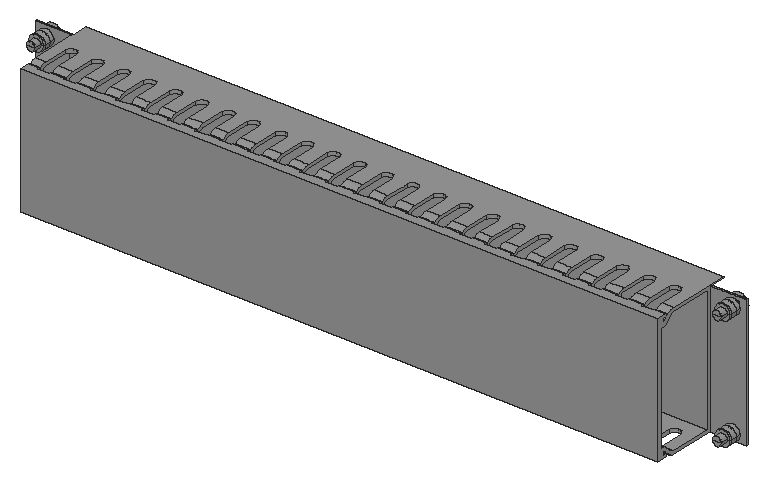
Revit family "ITK 19 Пластиковый кабельный органайзер с крышкой", category Обобщенные модели, Revit 2016
Family settings
  Тип детали = Нормальный
  Может служить основой для арматурных стержней = Нет
  Размер круглого соединителя = Использовать диаметр
  На основе рабочей плоскости = Нет
  Всегда вертикально = Да
  При загрузке вырезать с полостями = Нет
  Общий = Нет
  Точка расчета площади = Нет
Parameters (values of type "CO05-2PC")
  Ширина = 483 mm
  Совместимость = ""
  Описание = "19-дюймовые кабельные организаторы ITK предназначены для горизонтальной организации кабеля и кабельных пучков в шкафах и стойках для укладки кабелей в пространствах между коммутационными панелями и установленным активным оборудованием, обеспечивают их поддержку в пределах монтажной высоты шкафа, гарантируют необходимый радиус изгиба коммутационных шнуров и кабеля при подведении их к оборудованию, позволяют избежать перекручивания и спутывания кабелей. При использовании кабельных организаторов существенно снижается вероятность появления сильных перегибов и изломов кабелей, повышается скорость и эффективность работы IT-специалистов и администраторов при обслуживании шкафов и стоек.\r\n\r\nКабельные органайзеры устанавливаются на 19-дюймовые монтажные профили, занимая при этом один или два юнита полезной высоты. Монтаж осуществляется с помощью крепежа винт-шайба-гайка.\r\n\r\nГоризонтальные кабельные организаторы представлены двумя основными видами: открытый органайзер с кольцами или закрытого типа с крышкой. Высота органайзеров: 1U или 2U. Материал: листовая сталь. В комплект поставки входит органайзер и комплект крепежа.\r\nСовместимы со всеми 19-дюймовыми шкафами и стойками ITK.\r\nОбладают современным привлекательным дизайном и продуманной конструкцией.\r\nУдобны в монтаже и эксплуатации.\r\nСоответствие международным стандартам ISO9001, IEC 297, ISO/IEC 11801. \r\nСертифицированы по ГОСТ Р.\r\nВсе аксессуары идут с крепежом.\r\nВозможно исполнение в двух цветах: серый (RAL7035) и черный (RAL9005).\r\nВсегда в наличии на складе.\r\nГарантия на все аксессуары до 2-х лет."  # constant formula
  Материал = Окраска - RAL 9005
  Type Comments = ""
  Изготовитель = "ITK"  # constant formula
  Глубина = 45 mm
  Высота = 89 mm
  URL = "http://www.itk-group.ru/produktsiya/catalog/?page=section&id=564&pagen=1&pagec=100"
  ADSK_Примечание = ""
  ADSK_Позиция [instance] = ""
  ADSK_Наименование краткое = "CO05-2PC"
  ADSK_Наименование = "ITK 19\" пластиковый каб. органайзер с крышкой, 2U, черный"
  ADSK_Масса = 0
  ADSK_Марка = "CO05-2PC"
  ADSK_Код изделия = ""
  ADSK_Завод-изготовитель = "IEK"
  ADSK_Единица измерения = "шт"
  ADSK_Группирование = "I. ЩИТЫ И ПУЛЬТЫ"
Types (2, lengths in mm): name | Высота | ADSK_Наименование краткое | ADSK_Наименование | ADSK_Марка
  CO05-1PC | 44.5 | "CO05-1PC" | "ITK 19\" пластиковый каб. органайзер с крышкой, 1U, черный" | "CO05-1PC"
  CO05-2PC | 89 | "CO05-2PC" | "ITK 19\" пластиковый каб. органайзер с крышкой, 2U, черный" | "CO05-2PC"
Reference planes
  plane 1 "По центру (Вперед/Назад)": y = 0
  plane 2: z = 0
  plane 3 "По центру (Влево/Вправо)": x = 0
  plane 4: x = -241.5
  plane 5: x = 241.5
  plane 6: x = -216.5
  plane 7: x = 216.5
  plane 8: z = 89
  plane 9: z = 44.5
  plane 10: y = -45
Forms (mm)
  Extrusion 1, solid, material "Окраска - RAL 9005" <- "Материал", detail levels fine
    sketch origin (0, 0, 0) x (1, 0, 0) y (0, 1, 0)
      loop
        line (-241.5, 0) -> (-241.5, -1) -> (241.5, -1) -> (241.5, 0) -> (-241.5, 0)
    from 0 to 89
  Extrusion 2, void
    sketch origin (-2000, -1, 1200) x (-1, 0, 0) y (0, 0, -1)
      loop
        circle (-1765.975, 1116) r 2.967
      loop
        circle (-1765.975, 1195) r 2.967
      loop
        circle (-2234.025, 1116) r 2.967
      loop
        circle (-2234.025, 1195) r 2.967
    from -1 to 1.964
  Extrusion 3, solid, material "Окраска - RAL 9005" <- "Материал", detail levels fine
    sketch origin (-216.5, 2000, 1200) x (0, 1, 0) y (0, 0, 1)
      loop
        line (-1989, -1111) -> (-2000, -1111) -> (-2000, -1112) -> (-1989, -1112) -> (-1989, -1111)
      loop
        line (-1992.467, -1200) -> (-1992.467, -1199) -> (-2000, -1199) -> (-2000, -1200) -> (-1992.467, -1200)
    from 0 to 433
  Extrusion 4, solid, material "Окраска - RAL 9005" <- "Материал", detail levels fine
    sketch origin (-241.5, 2000, 1200) x (0, 1, 0) y (0, 0, 1)
      loop
        line (-2002.964, -1113.033) -> (-2031.639, -1113.033)
        arc (-2031.639, -1113.033) -> (-2033.467, -1113.359) -> (-2035.043, -1114.342) r 4.903
        line (-2035.043, -1114.342) -> (-2039.626, -1118.598) -> (-2042.093, -1118.598) -> (-2042.093, -1113.711) -> (-2042.982, -1113.711) -> (-2042.982, -1197.289) -> (-2042.093, -1197.289) -> (-2042.093, -1192.402) -> (-2039.626, -1192.402) -> (-2035.043, -1196.658)
        arc (-2035.043, -1196.658) -> (-2033.467, -1197.641) -> (-2031.639, -1197.967) r 4.903
        line (-2031.639, -1197.967) -> (-2002.964, -1197.967) -> (-2002.964, -1113.033)
      loop
        line (-2001, -1111.033) -> (-2031.626, -1111.033)
        arc (-2031.626, -1111.033) -> (-2034.192, -1111.495) -> (-2036.404, -1112.877) r 6.903
        line (-2036.404, -1112.877) -> (-2040.987, -1117.132) -> (-2040.987, -1113.711) -> (-2038.167, -1113.711) -> (-2038.167, -1112.132) -> (-2045, -1112.132) -> (-2045, -1198.868) -> (-2038.167, -1198.868) -> (-2038.167, -1197.289) -> (-2040.987, -1197.289) -> (-2040.987, -1193.868) -> (-2036.404, -1198.123)
        arc (-2036.404, -1198.123) -> (-2034.192, -1199.505) -> (-2031.626, -1199.967) r 6.903
        line (-2031.626, -1199.967) -> (-2001, -1199.967) -> (-2001, -1111.033)
    from 25 to 458
  Revolve 5, solid, material "Окраска - RAL 9005" <- "Материал", detail levels fine
    sketch origin (0.938, 29.553, 5.937) x (0, 1, 0) y (-1, 0, 0)
      loop
        line (-44.803, 236.911) -> (-44.803, 234.025) -> (-26.053, 234.025) -> (-26.053, 240.161) -> (-29.553, 240.161) -> (-29.553, 236.911) -> (-32.003, 236.911) -> (-32.003, 239.143)
        arc (-32.003, 239.143) -> (-33.603, 239.05) -> (-35.203, 239.122) r 15.465
        line (-35.203, 239.122) -> (-39.203, 239.122)
        arc (-39.203, 239.122) -> (-39.704, 239.122) -> (-40.203, 239.083) r 6.422
        line (-40.203, 239.083) -> (-40.203, 236.911) -> (-44.803, 236.911)
      axis (-26.053, 234.025) -> (-44.803, 234.025)
    angle from 0 to 360
  Revolve 6, solid, material "Окраска - RAL 9005" <- "Материал", detail levels fine
    sketch origin (0.938, 30.928, 82.562) x (0, 1, 0) y (-1, 0, 0)
      loop
        line (-46.178, 236.911) -> (-46.178, 234.025) -> (-27.428, 234.025) -> (-27.428, 240.161) -> (-30.928, 240.161) -> (-30.928, 236.911) -> (-33.378, 236.911) -> (-33.378, 239.143)
        arc (-33.378, 239.143) -> (-34.978, 239.05) -> (-36.578, 239.122) r 15.465
        line (-36.578, 239.122) -> (-40.578, 239.122)
        arc (-40.578, 239.122) -> (-41.079, 239.122) -> (-41.578, 239.083) r 6.422
        line (-41.578, 239.083) -> (-41.578, 236.911) -> (-46.178, 236.911)
      axis (-27.428, 234.025) -> (-46.178, 234.025)
    angle from 0 to 360
  Revolve 7, solid, material "Окраска - RAL 9005" <- "Материал", detail levels fine
    sketch origin (465.796, 30.928, 82.563) x (0, 1, 0) y (-1, 0, 0)
      loop
        line (-46.178, 235.911) -> (-46.178, 233.025) -> (-27.428, 233.025) -> (-27.428, 239.161) -> (-30.928, 239.161) -> (-30.928, 235.911) -> (-33.378, 235.911) -> (-33.378, 238.143)
        arc (-33.378, 238.143) -> (-34.978, 238.05) -> (-36.578, 238.122) r 15.465
        line (-36.578, 238.122) -> (-40.578, 238.122)
        arc (-40.578, 238.122) -> (-41.079, 238.122) -> (-41.578, 238.083) r 6.422
        line (-41.578, 238.083) -> (-41.578, 235.911) -> (-46.178, 235.911)
      axis (-27.428, 233.025) -> (-46.178, 233.025)
    angle from 0 to 360
  Revolve 8, solid, material "Окраска - RAL 9005" <- "Материал", detail levels fine
    sketch origin (-1.25, 30.928, 5.937) x (0, 1, 0) y (-1, 0, 0)
      loop
        line (-46.178, -231.135) -> (-46.178, -234.021) -> (-27.428, -234.021) -> (-27.428, -227.885) -> (-30.928, -227.885) -> (-30.928, -231.135) -> (-33.378, -231.135) -> (-33.378, -228.903)
        arc (-33.378, -228.903) -> (-34.978, -228.997) -> (-36.578, -228.924) r 15.465
        line (-36.578, -228.924) -> (-40.578, -228.924)
        arc (-40.578, -228.924) -> (-41.079, -228.924) -> (-41.578, -228.963) r 6.422
        line (-41.578, -228.963) -> (-41.578, -231.135) -> (-46.178, -231.135)
      axis (-27.428, -234.021) -> (-46.178, -234.021)
    angle from 0 to 360
  Extrusion 9, void
    sketch origin (0, 0, 0) x (1, 0, 0) y (0, 1, 0)
      loop
        line (-201.132, -39.115) -> (-201.132, -16.303)
        arc (-201.132, -16.303) -> (-205.212, -12.223) -> (-209.293, -16.303) r 4.08
        line (-209.293, -16.303) -> (-209.293, -39.115) -> (-201.132, -39.115)
      loop
        line (-183.354, -39.115) -> (-183.354, -16.303)
        arc (-183.354, -16.303) -> (-187.435, -12.223) -> (-191.515, -16.303) r 4.08
        line (-191.515, -16.303) -> (-191.515, -39.115) -> (-183.354, -39.115)
      loop
        line (-165.478, -39.115) -> (-165.478, -16.303)
        arc (-165.478, -16.303) -> (-169.559, -12.223) -> (-173.639, -16.303) r 4.08
        line (-173.639, -16.303) -> (-173.639, -39.115) -> (-165.478, -39.115)
      loop
        line (-147.881, -39.115) -> (-147.881, -16.303)
        arc (-147.881, -16.303) -> (-151.962, -12.223) -> (-156.042, -16.303) r 4.08
        line (-156.042, -16.303) -> (-156.042, -39.115) -> (-147.881, -39.115)
      loop
        line (-130.281, -39.115) -> (-130.281, -16.303)
        arc (-130.281, -16.303) -> (-134.362, -12.223) -> (-138.442, -16.303) r 4.08
        line (-138.442, -16.303) -> (-138.442, -39.115) -> (-130.281, -39.115)
      loop
        line (-112.581, -39.115) -> (-112.581, -16.303)
        arc (-112.581, -16.303) -> (-116.662, -12.223) -> (-120.742, -16.303) r 4.08
        line (-120.742, -16.303) -> (-120.742, -39.115) -> (-112.581, -39.115)
      loop
        line (-94.389, -39.115) -> (-94.389, -16.303)
        arc (-94.389, -16.303) -> (-98.47, -12.223) -> (-102.55, -16.303) r 4.08
        line (-102.55, -16.303) -> (-102.55, -39.115) -> (-94.389, -39.115)
      loop
        line (-77.389, -39.115) -> (-77.389, -16.303)
        arc (-77.389, -16.303) -> (-81.47, -12.223) -> (-85.55, -16.303) r 4.08
        line (-85.55, -16.303) -> (-85.55, -39.115) -> (-77.389, -39.115)
      loop
        line (-58.678, -39.115) -> (-58.678, -16.303)
        arc (-58.678, -16.303) -> (-62.759, -12.223) -> (-66.839, -16.303) r 4.08
        line (-66.839, -16.303) -> (-66.839, -39.115) -> (-58.678, -39.115)
      loop
        line (-41.045, -39.115) -> (-41.045, -16.303)
        arc (-41.045, -16.303) -> (-45.126, -12.223) -> (-49.206, -16.303) r 4.08
        line (-49.206, -16.303) -> (-49.206, -39.115) -> (-41.045, -39.115)
      loop
        line (-23.116, -39.115) -> (-23.116, -16.303)
        arc (-23.116, -16.303) -> (-27.196, -12.223) -> (-31.277, -16.303) r 4.08
        line (-31.277, -16.303) -> (-31.277, -39.115) -> (-23.116, -39.115)
      loop
        line (-5.482, -39.115) -> (-5.482, -16.303)
        arc (-5.482, -16.303) -> (-9.563, -12.223) -> (-13.643, -16.303) r 4.08
        line (-13.643, -16.303) -> (-13.643, -39.115) -> (-5.482, -39.115)
      loop
        line (200.632, -39.115) -> (208.793, -39.115) -> (208.793, -16.303)
        arc (208.793, -16.303) -> (204.712, -12.223) -> (200.632, -16.303) r 4.08
        line (200.632, -16.303) -> (200.632, -39.115)
      loop
        line (182.854, -39.115) -> (191.015, -39.115) -> (191.015, -16.303)
        arc (191.015, -16.303) -> (186.935, -12.223) -> (182.854, -16.303) r 4.08
        line (182.854, -16.303) -> (182.854, -39.115)
      loop
        line (164.978, -39.115) -> (173.139, -39.115) -> (173.139, -16.303)
        arc (173.139, -16.303) -> (169.059, -12.223) -> (164.978, -16.303) r 4.08
        line (164.978, -16.303) -> (164.978, -39.115)
      loop
        line (147.381, -39.115) -> (155.542, -39.115) -> (155.542, -16.303)
        arc (155.542, -16.303) -> (151.462, -12.223) -> (147.381, -16.303) r 4.08
        line (147.381, -16.303) -> (147.381, -39.115)
      loop
        line (129.781, -39.115) -> (137.942, -39.115) -> (137.942, -16.303)
        arc (137.942, -16.303) -> (133.862, -12.223) -> (129.781, -16.303) r 4.08
        line (129.781, -16.303) -> (129.781, -39.115)
      loop
        line (112.081, -39.115) -> (120.242, -39.115) -> (120.242, -16.303)
        arc (120.242, -16.303) -> (116.162, -12.223) -> (112.081, -16.303) r 4.08
        line (112.081, -16.303) -> (112.081, -39.115)
      loop
        line (93.889, -39.115) -> (102.05, -39.115) -> (102.05, -16.303)
        arc (102.05, -16.303) -> (97.97, -12.223) -> (93.889, -16.303) r 4.08
        line (93.889, -16.303) -> (93.889, -39.115)
      loop
        line (76.889, -39.115) -> (85.05, -39.115) -> (85.05, -16.303)
        arc (85.05, -16.303) -> (80.97, -12.223) -> (76.889, -16.303) r 4.08
        line (76.889, -16.303) -> (76.889, -39.115)
      loop
        line (58.178, -39.115) -> (66.339, -39.115) -> (66.339, -16.303)
        arc (66.339, -16.303) -> (62.259, -12.223) -> (58.178, -16.303) r 4.08
        line (58.178, -16.303) -> (58.178, -39.115)
      loop
        line (40.545, -39.115) -> (48.706, -39.115) -> (48.706, -16.303)
        arc (48.706, -16.303) -> (44.626, -12.223) -> (40.545, -16.303) r 4.08
        line (40.545, -16.303) -> (40.545, -39.115)
      loop
        line (22.616, -39.115) -> (30.777, -39.115) -> (30.777, -16.303)
        arc (30.777, -16.303) -> (26.696, -12.223) -> (22.616, -16.303) r 4.08
        line (22.616, -16.303) -> (22.616, -39.115)
      loop
        line (4.982, -39.115) -> (13.143, -39.115) -> (13.143, -16.303)
        arc (13.143, -16.303) -> (9.063, -12.223) -> (4.982, -16.303) r 4.08
        line (4.982, -16.303) -> (4.982, -39.115)
    from -7.955 to 100
Cuts and joins
  Extrusion 2 cuts Extrusion 1
  Extrusion 9 cuts Extrusion 4
  joined: Extrusion 1, Extrusion 3, Extrusion 4
Dimensions and locks
  equal spacing: plane 4, plane 3 "По центру (Влево/Вправо)", plane 5
  "Ширина": plane 4 to plane 5
  plane 7 to plane 5 = 25 mm
  plane 4 to plane 6 = 25 mm
  "Высота": plane 8 to plane 2
  equal spacing: plane 8, plane 9, plane 2
  plane 8 to level = 89 mm
  "Глубина": plane 1 "По центру (Вперед/Назад)" to plane 10
  locked: plane 8 to Revolve 6 at 11.535
  locked: plane 8 to Revolve 7 at 11.535
  aligned and locked: level to plane 2
  aligned and locked: plane 1 "По центру (Вперед/Назад)" to Extrusion 1 sketch curve
  aligned and locked: plane 4 to Extrusion 1 sketch curve
  aligned and locked: plane 5 to Extrusion 1 sketch curve
  aligned and locked: plane 8 to Extrusion 1
  aligned and locked: Extrusion 1 to plane 2
  aligned and locked: Extrusion 2 to plane 1 "По центру (Вперед/Назад)"
  aligned and locked: Extrusion 3 to plane 7
  aligned and locked: Extrusion 3 to plane 6
  aligned and locked: level to Extrusion 3 sketch curve
  aligned and locked: Extrusion 3 sketch curve to plane 8
  aligned and locked: Extrusion 4 to plane 6
  aligned and locked: Revolve 5 sketch curve to Revolve 5 sketch curve
  aligned and locked: Revolve 6 sketch curve to Revolve 6 sketch curve
  aligned and locked: Revolve 7 sketch curve to Revolve 7 sketch curve
  aligned and locked: Revolve 8 sketch curve to Revolve 8 sketch curve
  aligned and locked: Extrusion 4 to plane 7
  aligned and locked: plane 10 to Extrusion 4 sketch curve
Automatic sketch dimensions
  Extrusion 2 sketch curve to plane 5 = 7.475 mm  (x2)
  Extrusion 2 sketch curve to plane 4 = 7.475 mm  (x2)
  Extrusion 3 sketch curve to plane 1 "По центру (Вперед/Назад)" = 0 mm  (x2)
  level to Extrusion 3 sketch curve = 1 mm
  Extrusion 3 sketch curve to plane 8 = 1 mm
  Revolve 5 sketch curve to Revolve 5 sketch curve = 2.45 mm
  Revolve 5 sketch curve to Revolve 5 sketch curve = 3.2 mm
  Revolve 5 sketch curve to Revolve 5 sketch curve = 4 mm
  Revolve 5 sketch curve to Revolve 5 sketch curve = 0.25 mm
  Revolve 5 sketch curve to Revolve 5 sketch curve = 1 mm
  Revolve 5 sketch curve to Revolve 5 sketch curve = 4.6 mm
  plane 4 to Revolve 5 sketch curve = 9.732 mm
  Revolve 5 sketch curve to Revolve 5 sketch curve = 1.32 mm
  Revolve 5 sketch curve to Revolve 5 sketch curve = 4.206 mm
  Revolve 5 sketch curve to Revolve 5 sketch curve = 2.886 mm
  Revolve 5 sketch curve to Revolve 5 sketch curve = 2.172 mm
  Revolve 5 sketch curve to Revolve 5 sketch curve = 2.232 mm
  plane 4 to Revolve 5 sketch curve = 2.276 mm
  Revolve 5 sketch curve to Revolve 5 sketch curve = 0 mm  (x2)
  Revolve 6 sketch curve to Revolve 6 sketch curve = 2.45 mm
  Revolve 6 sketch curve to Revolve 6 sketch curve = 3.2 mm
  Revolve 6 sketch curve to Revolve 6 sketch curve = 4 mm
  Revolve 6 sketch curve to Revolve 6 sketch curve = 0.25 mm
  Revolve 6 sketch curve to Revolve 6 sketch curve = 1 mm
  Revolve 6 sketch curve to Revolve 6 sketch curve = 4.6 mm
  plane 4 to Revolve 6 sketch curve = 9.732 mm
  Revolve 6 sketch curve to Revolve 6 sketch curve = 1.32 mm
  Revolve 6 sketch curve to Revolve 6 sketch curve = 4.206 mm
  Revolve 6 sketch curve to Revolve 6 sketch curve = 2.886 mm
  Revolve 6 sketch curve to Revolve 6 sketch curve = 2.172 mm
  Revolve 6 sketch curve to Revolve 6 sketch curve = 2.232 mm
  plane 4 to Revolve 6 sketch curve = 2.276 mm
  Revolve 6 sketch curve to Revolve 6 sketch curve = 0 mm  (x2)
  Revolve 7 sketch curve to Revolve 7 sketch curve = 2.45 mm
  Revolve 7 sketch curve to Revolve 7 sketch curve = 3.2 mm
  Revolve 7 sketch curve to Revolve 7 sketch curve = 4 mm
  Revolve 7 sketch curve to Revolve 7 sketch curve = 0.25 mm
  Revolve 7 sketch curve to Revolve 7 sketch curve = 1 mm
  Revolve 7 sketch curve to Revolve 7 sketch curve = 4.6 mm
  plane 5 to Revolve 7 sketch curve = 7.409 mm
  Revolve 7 sketch curve to Revolve 7 sketch curve = 1.32 mm
  Revolve 7 sketch curve to Revolve 7 sketch curve = 4.206 mm
  Revolve 7 sketch curve to Revolve 7 sketch curve = 2.886 mm
  Revolve 7 sketch curve to Revolve 7 sketch curve = 2.172 mm
  Revolve 7 sketch curve to Revolve 7 sketch curve = 2.232 mm
  Revolve 7 sketch curve to Revolve 7 sketch curve = 1.018 mm
  Revolve 7 sketch curve to Revolve 7 sketch curve = 0 mm  (x2)
  Revolve 8 sketch curve to Revolve 8 sketch curve = 2.45 mm
  Revolve 8 sketch curve to Revolve 8 sketch curve = 3.2 mm
  Revolve 8 sketch curve to Revolve 8 sketch curve = 4 mm
  Revolve 8 sketch curve to Revolve 8 sketch curve = 0.25 mm
  Revolve 8 sketch curve to Revolve 8 sketch curve = 1 mm
  Revolve 8 sketch curve to Revolve 8 sketch curve = 4.6 mm
  plane 5 to Revolve 8 sketch curve = 7.409 mm
  Revolve 8 sketch curve to Revolve 8 sketch curve = 1.32 mm
  Revolve 8 sketch curve to Revolve 8 sketch curve = 4.206 mm
  Revolve 8 sketch curve to Revolve 8 sketch curve = 2.886 mm
  Revolve 8 sketch curve to Revolve 8 sketch curve = 2.172 mm
  Revolve 8 sketch curve to Revolve 8 sketch curve = 2.232 mm
  Revolve 8 sketch curve to Revolve 8 sketch curve = 1.018 mm
  Revolve 8 sketch curve to Revolve 8 sketch curve = 0 mm  (x2)
  plane 8 to Extrusion 2 sketch curve = 5 mm  (x2)
  Extrusion 2 sketch curve to level = 5 mm  (x2)
  Extrusion 3 sketch curve to Extrusion 3 sketch curve = 7.533 mm
  Extrusion 3 sketch curve to plane 1 "По центру (Вперед/Назад)" = 11 mm
  plane 1 "По центру (Вперед/Назад)" to Extrusion 1 sketch curve = 1 mm
  plane 1 "По центру (Вперед/Назад)" to Revolve 5 sketch curve = 15.25 mm
  plane 1 "По центру (Вперед/Назад)" to Revolve 5 sketch curve = 4.15 mm
  Revolve 5 sketch curve to plane 1 "По центру (Вперед/Назад)" = 3.5 mm
  plane 1 "По центру (Вперед/Назад)" to Revolve 6 sketch curve = 15.25 mm
  plane 1 "По центру (Вперед/Назад)" to Revolve 6 sketch curve = 4.15 mm
  Revolve 6 sketch curve to plane 1 "По центру (Вперед/Назад)" = 3.5 mm
  plane 1 "По центру (Вперед/Назад)" to Revolve 7 sketch curve = 15.25 mm
  plane 1 "По центру (Вперед/Назад)" to Revolve 7 sketch curve = 4.15 mm
  Revolve 7 sketch curve to plane 1 "По центру (Вперед/Назад)" = 3.5 mm
  plane 1 "По центру (Вперед/Назад)" to Revolve 8 sketch curve = 15.25 mm
  plane 1 "По центру (Вперед/Назад)" to Revolve 8 sketch curve = 4.15 mm
  Revolve 8 sketch curve to plane 1 "По центру (Вперед/Назад)" = 3.5 mm
  plane 6 to Extrusion 9 sketch curve = 7.207 mm
  Extrusion 9 sketch curve to Extrusion 9 sketch curve = 4.08 mm  (x24)
  Extrusion 9 sketch curve to Extrusion 9 sketch curve = 9.617 mm  (x2)
  Extrusion 9 sketch curve to Extrusion 9 sketch curve = 9.715 mm  (x2)
  Extrusion 9 sketch curve to Extrusion 9 sketch curve = 9.436 mm  (x2)
  Extrusion 9 sketch curve to Extrusion 9 sketch curve = 9.439 mm  (x2)
  Extrusion 9 sketch curve to Extrusion 9 sketch curve = 9.539 mm  (x2)
  Extrusion 9 sketch curve to Extrusion 9 sketch curve = 10.031 mm  (x2)
  Extrusion 9 sketch curve to Extrusion 9 sketch curve = 8.839 mm  (x2)
  Extrusion 9 sketch curve to Extrusion 9 sketch curve = 10.55 mm  (x2)
  Extrusion 9 sketch curve to Extrusion 9 sketch curve = 9.472 mm  (x4)
  Extrusion 9 sketch curve to Extrusion 9 sketch curve = 9.769 mm  (x2)
  plane 3 "По центру (Влево/Вправо)" to Extrusion 9 sketch curve = 4.982 mm
  plane 1 "По центру (Вперед/Назад)" to Extrusion 9 sketch curve = 39.115 mm  (x2)
  Extrusion 9 sketch curve to Extrusion 9 sketch curve = 0 mm  (x33)
  plane 1 "По центру (Вперед/Назад)" to Extrusion 9 sketch curve = 16.303 mm  (x13)
  Extrusion 4 sketch curve to Extrusion 4 sketch curve = 0 mm  (x6)
  Extrusion 4 sketch curve to plane 10 = 2.018 mm
  Extrusion 4 sketch curve to Extrusion 4 sketch curve = 0.889 mm  (x2)
  Extrusion 4 sketch curve to Extrusion 4 sketch curve = 1.106 mm  (x2)
  Extrusion 4 sketch curve to Extrusion 4 sketch curve = 1.361 mm  (x4)
  Extrusion 4 sketch curve to Extrusion 4 sketch curve = 2.82 mm  (x2)
  level to Extrusion 4 sketch curve = 1.132 mm
  level to Extrusion 4 sketch curve = 1.877 mm
  Extrusion 4 sketch curve to Extrusion 4 sketch curve = 1.763 mm  (x2)
  Extrusion 4 sketch curve to plane 8 = 1.877 mm
  Extrusion 4 sketch curve to plane 8 = 3.342 mm
  level to Extrusion 4 sketch curve = 3.342 mm
  Extrusion 4 sketch curve to Extrusion 4 sketch curve = 3.336 mm  (x2)
  Extrusion 4 sketch curve to Extrusion 4 sketch curve = 3.405 mm  (x2)
  level to Extrusion 4 sketch curve = 0.033 mm
  Extrusion 4 sketch curve to Extrusion 4 sketch curve = 0.013 mm  (x2)
  Extrusion 4 sketch curve to plane 8 = 0.033 mm
  plane 1 "По центру (Вперед/Назад)" to Extrusion 4 sketch curve = 2.964 mm
  plane 1 "По центру (Вперед/Назад)" to Extrusion 4 sketch curve = 1 mm
  level to Extrusion 4 sketch curve = 2.711 mm
  Extrusion 4 sketch curve to Extrusion 4 sketch curve = 3.421 mm
  Extrusion 4 sketch curve to Extrusion 4 sketch curve = 1.466 mm  (x2)
  Extrusion 4 sketch curve to Extrusion 4 sketch curve = 4.256 mm
  Extrusion 4 sketch curve to plane 8 = 2.711 mm
  Extrusion 4 sketch curve to plane 8 = 1.132 mm
  radius of Extrusion 2 sketch curve = 2.967 mm  (x4)
